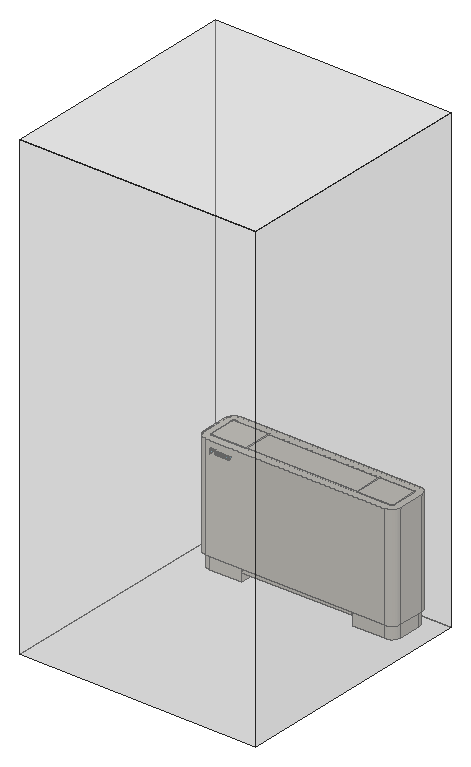
Revit family "outputfile", category 機械設備, Revit 2024
Family settings
  丸型コネクタ寸法 = 半径を使用
  パーツ タイプ = 標準
  OmniClass 番号 = 23.75.10.24.21.27.27
  OmniClass タイトル = Split System Air Conditioning Units
  作業面ベース = いいえ
  常に垂直 = はい
  ロード時にボイドで切り取り = いいえ
  注釈の向きを維持 = いいえ
  共有 = いいえ
  部屋計算ポイント = いいえ
Parameters (values of type "FXLQ25MAVE8")
  Description = ""
  製造元 = "Daikin"
  書き出し IFC クラス(タイプ) = "IfcUnitaryEquipmentType"
  定義済み IFC タイプ(タイプ) = "AIRCONDITIONINGUNIT"
  Cost = 0
  モデル = "FXLQ25MAVE8"
  Type Comments = ""
  Keynote = ""
  Type Image = (empty or 0)
  Assembly Code = ""
  w_machine casing = 620.0 mm
  w_hangerfixture = 0.0 mm
  w_dischargeflange = 562.0 mm
  w_2_machine casing = 590.0 mm
  w_1_machine casing = 562.0 mm
  r_Liquid Pipe Size = Liquid Pipe Size / 2  # 3.2 mm
  r_Gas Pipe Size = Gas Pipe Size / 2  # 6.35 mm
  w_mounting foot = 830.0 mm
  r_Drain Pipe Size = Drain Pipe Size / 2  # 10.5 mm
  h_mountinghole = [h***] + 2.5 mm  # 2.5 mm
  lh_liquidpipe = 391.0 mm  # constant formula
  lh_gaspipe = 301.0 mm  # constant formula
  lh_drainpipe = 181.0 mm  # constant formula
  lh_antena = 598.5 mm  # constant formula
  ld_liquidpipe = 88.0 mm  # constant formula
  ld_gaspipe = 143.0 mm  # constant formula
  ld_drainpipe = 156.0 mm  # constant formula
  h*** = 0.0 mm  # constant formula
  w_front suction = 601.0 mm
  d_pipe_2 = 27.3 mm  # constant formula
  d_pipe_1 = 47.6 mm  # constant formula
  d_pipe = 71.2 mm  # constant formula
  Width = 1000.0 mm
  Voltage_comment_50Hz = "220-240"
  Voltage_50Hz = 220 V
  Version = "ver.1.0"
  Unit Type = "Floor Standing Type"
  Unit Mass Weight = 25.00 kg
  Unit Designation [instance] = ""
  Uniclass2015Version = "Products v1.30"
  Uniclass2015Title = "Variable refrigerant flow units"
  Uniclass2015Code = "Pr_70_65_03_94"
  URL = ""
  Total Heating Capacity [instance] = 0.000 kW
  Total Cooling Capacity [instance] = 0.000 kW
  Sound Pressure Level_M speed (dBA) = 0
  Sound Pressure Level_L speed (dBA) = 33
  Sound Pressure Level_H speed (dBA) = 36
  Sound Power Level_H speed (dB) = 0
  Series = "VRV Fan Coil Unit"
  Sensible Cooling Capacity [instance] = 0.000 kW
  SA Duct Size Width = w_dischargeflange  # 562.0 mm
  SA Duct Size Height = 150.0 mm  # constant formula
  Refrigerant Type = "R410A"
  Power Input (Heating) = 0.049 kW
  Power Input (Cooling) = 0.049 kW
  Phase_50Hz = 1
  Option Accessory 3 [instance] = ""
  Option Accessory 2 [instance] = ""
  Option Accessory 1 [instance] = ""
  Nominal Heating Capacity = 3.200 kW
  Nominal Cooling Capacity = 2.800 kW
  Minimum External Static Pressure = 0.00 Pa
  Minimum Circuit Amps_50Hz = 0.3 A
  Minimum Airflow = 360.00 m³/h
  Median Airflow = 0.00 m³/h
  Maximum Fuse Amps_50Hz = 15.0 A
  Maximum External Static Pressure = 0.00 Pa
  Maximum Airflow = 420.00 m³/h
  Material_Casing = DAIKIN_IvoryWhite_Casing_indoorunit
  Load Classification = HVAC
  Liquid Pipe Size = 6.4 mm
  Link_Nested Family [instance] = ""
  IfcVersion = "0"
  IfcExportType = "AIRCONDITIONINGUNIT"
  IfcExportAs = "IfcUnitaryEquipmentType"
  Height = 600.0 mm
  Heating Entering Wet Bulb Temperature [instance] = 0.00 °C
  Heating Entering Dry Bulb Temperature [instance] = 0.00 °C
  Heating Ambient Wet Bulb Temperature [instance] = 0.00 °C
  Heating Ambient Dry Bulb Temperature [instance] = 0.00 °C
  Heat Exchanger Type = "Cross Fin Coil"
  Gas Pipe Size = 12.7 mm
  Frequency_50Hz = 50 Hz
  Fan Type = "Sirocco Fan"
  Fan Drive = "Direct Drive"
  FCU Tag No. [instance] = ""
  Drain Pipe Size = 21.0 mm
  Design Supply Airflow [instance] = 0.00 m³/h
  Design External Static Pressure [instance] = 0.00 Pa
  Depth = 222.0 mm
  既定の高さ = 0.0 mm
  Cooling Entering Wet Bulb Temperature [instance] = 0.00 °C
  Cooling Entering Dry Bulb Temperature [instance] = 0.00 °C
  Cooling Ambient Wet Bulb Temperature [instance] = 0.00 °C
  Cooling Ambient Dry Bulb Temperature [instance] = 0.00 °C
  Clearance visibility [instance] = yes
  Clearance Top = 1750.0 mm
  Clearance Right = 100.0 mm
  Clearance Rear = 20.0 mm
  Clearance Left = 100.0 mm
  Clearance Front = 1000.0 mm
  Clearance Bottom = 0.0 mm
Reference planes
  plane 1: y = 0
  plane 2: z = 0
  plane 3 "Center (Left/Right)": x = 0
  plane 4 "Center (Front/Back)": y = -103
  plane 5: y = -206
  plane 6: x = -310
  plane 7: x = 310
  plane 8: z = 584
  plane 9: z = 68
  plane 10: z = 609
  plane 11: z = 2350
  plane 12: z = 0
  plane 13: x = -600
  plane 14: x = 600
  plane 15: y = -1214
  plane 16: y = 28
  plane 17 "Bottom": z = 0
  plane 18: x = -278
  plane 19: x = 278
  plane 20: x = -329
  plane 21: x = -480
  plane 22: z = 129
  plane 23: z = 518
  plane 24: z = 564.5
  plane 25: y = -32
  plane 26: x = 408.8
  plane 27 "ld_drainpipe": y = -148
  plane 28: z = 181
  plane 29: z = 301
  plane 30: z = 391
  plane 31: x = 337
  plane 32: x = 295
  plane 33: x = -295
  plane 34 "ld_liquidpipe": y = -80
  plane 35 "ld_gaspipe": y = -135
  plane 36: x = 444
  plane 37: z = 518.4
  plane 38: z = 388.6
  plane 39: x = 296
  plane 40: x = -296
  plane 41: x = -404.5
  plane 42: y = -42
  plane 43: y = -25.8
  plane 44 "Left": x = -500
  plane 45 "Right": x = 500
  plane 46: x = -281
  plane 47: x = 281
  plane 48: z = 70
  plane 49 "Top": z = 600
  plane 50 "Front": y = -214
  plane 51 "Back": y = 8
  plane 52: y = -201
Forms (mm)
  Extrusion 1, solid, material "DAIKIN_IvoryWhite_Casing_indoorunit" <- "Material_Casing"
    sketch origin (0, 0, 0) x (1, 0, 0) y (0, 1, 0)
      loop
        line (-310, 0) -> (-310, -206) -> (310, -206) -> (310, 0) -> (-310, 0)
    from 68 to 584
  Extrusion 2, solid, material "DAIKIN_IvoryWhite_Casing_indoorunit" <- "Material_Casing"
    sketch origin (0, 0, 68) x (0, 1, 0) y (1, 0, 0)
      loop
        line (0, -278) -> (0, 278) -> (-206, 278) -> (-206, -278) -> (0, -278)
    from 0 to 19.6
  Extrusion 3, solid, material "DAIKIN_IvoryWhite_Casing_indoorunit" <- "Material_Casing"
    sketch origin (-310, -206, 0) x (0, 1, 0) y (0, 0, -1)
      loop
        circle (103, -448.5) r 12.5
      loop
        circle (103, -243.5) r 12.5
    from 0 to 19
  Extrusion 4, solid, material "DAIKIN_IvoryWhite_Casing_indoorunit" <- "Material_Casing"
    sketch origin (0, 0, 68) x (-1, 0, 0) y (0, -1, 0)
      loop
        line (480, 25.8) -> (480, 71.25) -> (345.25, 206) -> (329, 206) -> (329, 25.8) -> (480, 25.8)
    from 61 to 450
  Extrusion 5, solid, material "DAIKIN_IvoryWhite_Casing_indoorunit" <- "Material_Casing"
    sketch origin (310, 0, 0) x (0, -1, 0) y (0, 0, -1)
      loop
        line (5.208, -545.14) -> (32, -564.5) -> (104, -554.5) -> (202.913, -407.529) -> (197.289, -319.3) -> (168.604, -299.952) -> (5.208, -545.14)
    from 0 to 98.8
  Extrusion 6, solid, material "DAIKIN_IvoryWhite_Casing_indoorunit" <- "Material_Casing"
    sketch origin (310, 0, 0) x (0, -1, 0) y (0, 0, -1)
      loop
        line (188.5, -240) -> (188.5, -210) -> (107.5, -210) -> (107.5, -240) -> (188.5, -240)
    from 0 to 50
  Extrusion 7, solid, material "DAIKIN_IvoryWhite_Casing_indoorunit" <- "Material_Casing"
    sketch origin (310, -107.5, 210) x (-1, 0, 0) y (0, 1, 0)
      loop
        circle (-27, -40.5) r 10.5
    from 0 to 29
  Sweep 8, solid, material "DAIKIN_IvoryWhite_Casing_indoorunit" <- "Material_Casing"
    path origin (0, -80, 0) x (0, 0, 1) y (1, 0, 0)
      loop
        line (518.4, 408.8) -> (518.4, 431)
        arc (518.4, 431) -> (514.592, 440.192) -> (505.4, 444) r 13
        line (505.4, 444) -> (391, 444)
    profile origin (419.9, -80, 518.4) x (0, 0, -1) y (0, 1, 0)
      loop
        circle (0, 0) r 3.2
  Sweep 9, solid, material "DAIKIN_IvoryWhite_Casing_indoorunit" <- "Material_Casing"
    path origin (0, -135, 0) x (0, 0, 1) y (1, 0, 0)
      loop
        line (388.6, 408.8) -> (388.6, 431)
        arc (388.6, 431) -> (384.792, 440.192) -> (375.6, 444) r 13
        line (375.6, 444) -> (301, 444)
    profile origin (419.9, -135, 388.6) x (0, 0, -1) y (0, 1, 0)
      loop
        circle (0, 0) r 6.35
Dimensions and locks
  equal spacing: plane 5, plane 4 "Center (Front/Back)", plane 1
  equal spacing: plane 6, plane 3 "Center (Left/Right)", plane 7
  locked: plane 10 to plane 8 at 25
  "h***": plane 17 "Bottom" to plane 2
  locked: plane 8 to plane 9 at 516
  "Clearance Bottom": plane 17 "Bottom" to plane 12
  locked: plane 6 to plane 18 at 32
  locked: plane 19 to plane 7 at 32
  plane 18 to plane 19 = 556.0 mm
  locked: Extrusion 3 sketch curve to plane 9 at 175.5
  locked: Extrusion 3 sketch curve to Extrusion 3 sketch curve at 205
  locked: plane 6 to plane 20 at 19
  plane 23 to plane 22 to plane 17 "Bottom" = 389.0 mm locked, 129.0 mm locked
  locked: plane 21 to plane 6 at 170
  locked: plane 10 to plane 24 at 44.5
  locked: plane 5 to plane 25 at 174
  locked: plane 7 to plane 26 at 98.8
  locked: Extrusion 6 sketch curve to Extrusion 6 sketch curve at 30
  locked: Extrusion 6 sketch curve to Extrusion 6 sketch curve at 81
  locked: Extrusion 6 sketch curve to plane 17 "Bottom" at 240
  locked: plane 27 "ld_drainpipe" to Extrusion 6 sketch curve at 40.5
  "lh_drainpipe": plane 28 to plane 17 "Bottom"
  "lh_gaspipe": plane 29 to plane 17 "Bottom"
  "lh_liquidpipe": plane 30 to plane 17 "Bottom"
  locked: plane 33 to plane 6 at 15
  locked: plane 7 to plane 32 at 15
  locked: plane 31 to plane 32 at 42
  locked: plane 36 to plane 7 at 134
  locked: plane 10 to plane 37 at 90.6
  locked: plane 10 to plane 38 at 220.4
  locked: plane 6 to plane 40 at 14
  locked: plane 39 to plane 7 at 14
  equal spacing: plane 32, plane 3 "Center (Left/Right)", plane 33
  plane 32 to plane 33 = 590.0 mm
  locked: plane 21 to plane 41 at 75.5
  locked: plane 42 to plane 1 at 42
  locked: plane 43 to plane 5 at 180.2
  locked: Extrusion 4 sketch curve to plane 20 at 16.25
  locked: plane 43 to Extrusion 4 sketch curve at 45.45
  locked: plane 46 to plane 44 "Left" at 219
  locked: plane 45 "Right" to plane 47 at 219
  "Width": plane 45 "Right" to plane 44 "Left"
  locked: plane 49 "Top" to plane 48 at 530
  equal spacing: plane 45 "Right", plane 3 "Center (Left/Right)", plane 44 "Left"
  "w_machine casing": plane 6 to plane 7
  "Depth": plane 51 "Back" to plane 50 "Front"
  equal spacing: plane 51 "Back", plane 4 "Center (Front/Back)", plane 50 "Front"
  locked: plane 1 to plane 5 at 206
  locked: plane 10 to plane 17 "Bottom" at 609
  "Height": plane 49 "Top" to plane 17 "Bottom"
  "Clearance Rear": plane 16 to plane 51 "Back"
  "Clearance Front": plane 50 "Front" to plane 15
  "Clearance Right": plane 14 to plane 45 "Right"
  "Clearance Left": plane 44 "Left" to plane 13
  "Clearance Top": plane 11 to plane 49 "Top"
  equal spacing: plane 18, nested 2, plane 19
  "ld_liquidpipe": plane 34 "ld_liquidpipe" to plane 51 "Back"
  "ld_gaspipe": plane 35 "ld_gaspipe" to plane 51 "Back"
  "ld_drainpipe": plane 27 "ld_drainpipe" to plane 51 "Back"
  locked: plane 50 "Front" to plane 52 at 13
  "Drain Pipe Size": diameter of Extrusion 7 sketch curve
  "Gas Pipe Size": diameter of Sweep 9 sketch curve
  locked: Extrusion 4 sketch curve to Extrusion 4 sketch curve (angle 45.00°)
  aligned and locked: level to plane 2
  aligned and locked: plane 1 to Extrusion 1 sketch curve
  aligned and locked: plane 6 to Extrusion 1 sketch curve
  aligned and locked: plane 5 to Extrusion 1 sketch curve
  aligned and locked: Extrusion 1 sketch curve to plane 7
  aligned and locked: plane 8 to Extrusion 1
  aligned and locked: Extrusion 1 to plane 9
  aligned and locked: plane 8 to nested 1
  aligned and locked: plane 3 "Center (Left/Right)" to nested 1
  aligned and locked: nested 2 to plane 16
  aligned and locked: nested 2 to plane 15
  aligned and locked: plane 11 to nested 2
  aligned and locked: plane 12 to nested 2
  aligned and locked: plane 13 to nested 2
  aligned and locked: plane 14 to nested 2
  aligned and locked: nested 3 to plane 4 "Center (Front/Back)"
  aligned and locked: nested 4 to plane 4 "Center (Front/Back)"
  aligned and locked: plane 1 to Extrusion 2 sketch curve
  aligned and locked: plane 5 to Extrusion 2 sketch curve
  aligned and locked: plane 18 to Extrusion 2 sketch curve
  aligned and locked: Extrusion 2 sketch curve to plane 19
  aligned and locked: plane 4 "Center (Front/Back)" to Extrusion 3 sketch curve  (x2)
  aligned and locked: Extrusion 3 to plane 20
  aligned and locked: plane 21 to Extrusion 4 sketch curve
  aligned and locked: Extrusion 4 sketch curve to plane 20
  aligned and locked: plane 23 to Extrusion 4
  aligned and locked: Extrusion 4 to plane 22
  aligned and locked: plane 26 to Extrusion 5
  aligned and locked: plane 25 to Extrusion 5 sketch curve
  aligned and locked: plane 24 to Extrusion 5 sketch curve
  aligned and locked: plane 31 to Extrusion 7 sketch curve
  aligned and locked: plane 27 "ld_drainpipe" to Extrusion 7 sketch curve
  aligned and locked: Extrusion 7 to plane 28
  aligned and locked: plane 36 to Sweep 8 sketch curve
  aligned and locked: Sweep 8 sketch curve to plane 37
  aligned and locked: plane 30 to Sweep 8 sketch curve
  aligned and locked: plane 26 to Sweep 8 sketch curve
  aligned and locked: plane 29 to Sweep 9 sketch curve
  aligned and locked: plane 26 to Sweep 9 sketch curve
  aligned and locked: Sweep 9 sketch curve to plane 38
  aligned and locked: plane 36 to Sweep 9 sketch curve
  aligned and locked: nested 3 to plane 39
  aligned and locked: plane 40 to nested 4
  aligned and locked: plane 31 to nested 5
  aligned and locked: nested 6 to plane 36
  aligned and locked: nested 7 to plane 36
  aligned and locked: nested 8 to plane 41
  aligned and locked: plane 4 "Center (Front/Back)" to nested 8
  aligned and locked: Extrusion 4 sketch curve to plane 43
  aligned and locked: Extrusion 4 sketch curve to plane 5
  aligned and locked: nested 7 to plane 34 "ld_liquidpipe"
  aligned and locked: nested 6 to plane 35 "ld_gaspipe"
  aligned and locked: nested 5 to plane 27 "ld_drainpipe"
  aligned and locked: nested 9 to plane 46
  aligned and locked: nested 9 to plane 17 "Bottom"
  aligned and locked: nested 10 to plane 47
  aligned and locked: nested 10 to plane 17 "Bottom"
  aligned and locked: plane 3 "Center (Left/Right)" to nested 11
  aligned and locked: nested 11 to plane 4 "Center (Front/Back)"
  aligned and locked: nested 11 to plane 48
  aligned and locked: nested 12 to plane 50 "Front"
  aligned and locked: plane 24 to nested 12
  aligned and locked: plane 20 to nested 12
  aligned and locked: plane 52 to nested 10
  aligned and locked: nested 9 to plane 52
  aligned and locked: nested 5 to plane 17 "Bottom"
  aligned and locked: nested 6 to plane 17 "Bottom"
  aligned and locked: nested 7 to plane 17 "Bottom"
  aligned and locked: nested 8 to plane 17 "Bottom"
  aligned and locked: plane 4 "Center (Front/Back)" to nested 1
  aligned and locked: plane 49 "Top" to nested 11
Automatic sketch dimensions
  Extrusion 1 sketch curve to plane 5 = 0.0 mm
  Extrusion 1 to Extrusion 5 sketch curve = 5.208 mm
  Extrusion 1 to Extrusion 5 sketch curve = 29.5 mm
  Extrusion 5 sketch curve to Extrusion 5 sketch curve = 72.0 mm
  Extrusion 1 to Extrusion 5 sketch curve = 37.396 mm
  Extrusion 1 to Extrusion 5 sketch curve = 8.711 mm
  Extrusion 1 to Extrusion 5 sketch curve = 3.087 mm
  Extrusion 5 sketch curve to Extrusion 5 sketch curve = 19.36 mm
  Extrusion 1 to Extrusion 5 sketch curve = 176.471 mm
  Extrusion 5 sketch curve to Extrusion 5 sketch curve = 88.229 mm
  Extrusion 5 sketch curve to Extrusion 5 sketch curve = 19.348 mm
  Sweep 8 sketch curve to profile plane = 0.0 mm  (x2)
  Sweep 8 sketch curve to plane 23 = 12.6 mm
  Sweep 9 sketch curve to plane 38 = 13.0 mm
  Sweep 9 sketch curve to plane 35 "ld_gaspipe" = 0.0 mm
  Sweep 9 sketch curve to profile plane = 0.0 mm
  radius of Extrusion 3 sketch curve = 12.5 mm  (x2)
  radius of Sweep 8 sketch curve = 3.2 mm
Nested families
  nested 1: "daikin_ductflange_FXLQ-MAVE8" at (0, -178, 584) x (1, 0, 0) z (0, 1, 0), width <- "w_dischargeflange", material <- "Material_Casing", type "daikin_ductflange_FXLQ-MAVE8"
    with width 562.0 mm, material DAIKIN_IvoryWhite_Casing_indoorunit, height 150.0 mm, depth 16.0 mm
  nested 2: "daikin_clearancespace" at (0, -593, 1175.119), visible <- "Clearance visibility", show <- "Clearance visibility", Link_Nested Family <- "Link_Nested Family", type "daikin_clearancespace"
    with width 1200.0 mm, show yes, height 2350.0 mm, depth 1242.0 mm, Link_Nested Family ""
  nested 3: "daikin_mountinghole" at (296, -103, 0), Link_Nested Family <- "Link_Nested Family", h_mountinghole <- "h_mountinghole", l_antenna <- "lh_antena", type "daikin_mountinghole"
    with show yes, l_antenna 598.5 mm, h_mountinghole 2.5 mm, Link_Nested Family ""
  nested 4: "daikin_mountinghole" at (-296, -103, 0), Link_Nested Family <- "Link_Nested Family", h_mountinghole <- "h_mountinghole", l_antenna <- "lh_antena", type "daikin_mountinghole"
    with show yes, l_antenna 598.5 mm, h_mountinghole 2.5 mm, Link_Nested Family ""
  nested 5: "daikin_connector_rotate2" at (337, -148, 181) x (1, 0, 0) z (0, -1, 0), radius <- "r_Drain Pipe Size", length <- "lh_drainpipe", type "daikin_connector_rotate2"
    with radius 10.5 mm, length 181.0 mm, angle_vertical 90.00°, show_face no
  nested 6: "daikin_connector_rotate2" at (444, -135, 301) x (1, 0, 0) z (0, -1, 0), radius <- "r_Gas Pipe Size", length <- "lh_gaspipe", type "daikin_connector_rotate2"
    with radius 6.35 mm, length 301.0 mm, angle_vertical 90.00°, show_face no
  nested 7: "daikin_connector_rotate2" at (444, -80, 391) x (1, 0, 0) z (0, -1, 0), radius <- "r_Liquid Pipe Size", length <- "lh_liquidpipe", type "daikin_connector_rotate2"
    with radius 3.2 mm, length 391.0 mm, angle_vertical 90.00°, show_face no
  nested 8: "daikin_connector_rotate2" at (-404.5, -103, 129) x (1, 0, 0) z (0, -1, 0), type "daikin_connector_rotate2"
    with radius 10.0 mm, length 129.0 mm, angle_vertical 90.00°, show_face no
  nested 9: "daikin_hangerfixture_FXLQ-MAVE8" at (-385.5, -99, 0), type "daikin_hangerfixture_FXLQ-MAVE8"
  nested 10: "daikin_hangerfixture_FXLQ-MAVE8" at (385.5, -99, 0) x (-1, 0, 0) z (0, 0, 1), type "daikin_hangerfixture_FXLQ-MAVE8"
  nested 11: "daikin_machine casing_FXLQ-MAVE8" at (0, -103, 70), width <- "Width", W_2 <- "w_2_machine casing", W_1 <- "w_1_machine casing", material <- "Material_Casing", type "daikin_machine casing_FXLQ-MAVE8"
    with width 1000.0 mm, material DAIKIN_IvoryWhite_Casing_indoorunit, height 530.0 mm, depth 222.0 mm, W_2 590.0 mm, W_1 562.0 mm, D_1 150.0 mm
  nested 12: "daikin_logo_elevation_w100" at (-364, -214, 539.5), type "daikin_logo_elevation_w100"
    with show_logo yes
Connectors
  electrical at (-404.5, -103, 0), driven by "Load Classification"
    settings: on nested 8, index 5, voltage 0 V, apparent load 0 VA, apparent load phase1 0 VA, apparent load phase2 0 VA, apparent load phase3 0 VA, power factor 1, load classification "HVAC", number of poles 1, system type 30, power factor state 1, is connector primary yes, connector utility no, sub classification motor no, connector description "Power Supply"
  piping at (444, -80, 0), diameter 6.4, driven by "r_Liquid Pipe Size"
    settings: on nested 7, index 6, connector inside diameter 609.6 mm, connector length 0.0 mm, flow factor 0, pipe flow 0.00 m³/h, pressure drop 0.0 Pa, fitting loss kfactor 0, connector angle 0.00°, fixture units 0, engagement length 0.0 mm, angle of deflection 0.00°, flow configuration 1, flow direction 1, fitting loss method 0, system type 29, joint type 0, gender type 0, connector reference index -1, connector utility 0, adjustable connector no, is connector primary yes, connector description "Refrigerant Liquid Piping"
  piping at (444, -135, 0), diameter 12.7, driven by "r_Gas Pipe Size"
    settings: on nested 6, index 7, connector inside diameter 609.6 mm, connector length 0.0 mm, flow factor 0, pipe flow 0.00 m³/h, pressure drop 0.0 Pa, fitting loss kfactor 0, connector angle 0.00°, fixture units 0, engagement length 0.0 mm, angle of deflection 0.00°, flow configuration 1, flow direction 2, fitting loss method 0, system type 29, joint type 0, gender type 0, connector reference index -1, connector utility 0, adjustable connector no, is connector primary no, connector description "Refrigerant Gas Piping"
  piping at (337, -148, 0), diameter 21, driven by "r_Drain Pipe Size"
    settings: on nested 5, index 8, connector inside diameter 609.6 mm, connector length 0.0 mm, flow factor 0, pipe flow 0.00 m³/h, pressure drop 0.0 Pa, fitting loss kfactor 0, connector angle 0.00°, fixture units 0, engagement length 0.0 mm, angle of deflection 0.00°, flow configuration 1, flow direction 2, fitting loss method 4, system type 16, joint type 0, gender type 0, connector reference index -1, connector utility 0, adjustable connector no, is connector primary no, connector description "Condensate Drain Piping"
Definition of nested family "daikin_ductflange_FXLQ-MAVE8"
  Parameters (values of type "daikin_ductflange_FXLQ-MAVE8")
    width [instance] = 662.0 mm
    material [instance] = none
    height [instance] = 150.0 mm
    depth [instance] = 25.0 mm
    Default Elevation = 0.0 mm
  Reference planes
    plane 1 "Center (Front/Back)": y = 0
    plane 2: z = 0
    plane 3 "Center (Left/Right)": x = 0
    plane 4: y = -25
    plane 5: x = -331
    plane 6: x = 331
    plane 7 "Top": z = 150
    plane 8: y = -1
    plane 9: z = 135.5
    plane 10: z = 14.5
    plane 11 "Center (Elevation)": z = 75
    plane 12: x = -330
    plane 13: x = 330
  Forms (mm)
    Extrusion 1, solid, material <- "material"
      sketch origin (0, 0, 0) x (1, 0, 0) y (0, 0, 1)
        loop
          line (-331, 150) -> (-331, 0) -> (331, 0) -> (331, 150) -> (-331, 150)
      from 1 to 25
  Dimensions and locks
    "height": plane 7 "Top" to plane 2
    "width": plane 5 to plane 6
    equal spacing: plane 5, plane 3 "Center (Left/Right)", plane 6
    "depth": plane 1 "Center (Front/Back)" to plane 4
    locked: plane 8 to plane 1 "Center (Front/Back)" at 1
    locked: plane 7 "Top" to plane 9 at 14.5
    locked: plane 10 to plane 2 at 14.5
    equal spacing: plane 7 "Top", plane 11 "Center (Elevation)", plane 2
    locked: plane 12 to plane 5 at 1
    locked: plane 6 to plane 13 at 1
    aligned and locked: level to plane 2
    aligned and locked: plane 5 to Extrusion 1 sketch curve
    aligned and locked: Extrusion 1 sketch curve to plane 7 "Top"
    aligned and locked: plane 2 to Extrusion 1 sketch curve
    aligned and locked: Extrusion 1 sketch curve to plane 6
    aligned and locked: Extrusion 1 to plane 4
    aligned and locked: plane 8 to Extrusion 1
Definition of nested family "daikin_clearancespace"
  Parameters (values of type "daikin_clearancespace")
    width [instance] = 1823.963 mm
    show [instance] = yes
    material = none
    height [instance] = 1359.762 mm
    depth [instance] = 880.0 mm
    Default Elevation = 0.0 mm
    Link_Nested Family [instance] = ""
  Reference planes
    plane 1 "Center (Front/Back)": y = 0
    plane 2 "Center (Elevation)": z = -0.119
    plane 3 "Center (Left/Right)": x = 0
    plane 4: y = 440
    plane 5: y = -440
    plane 6 "Right": x = 911.982
    plane 7 "Left": x = -911.982
    plane 8 "Top": z = 679.762
    plane 9 "Bottom": z = -680
  Forms (mm)
    Extrusion 1, solid, material <- "material", visible <- "show"
      sketch origin (0, 0, 0) x (1, 0, 0) y (0, 1, 0)
        loop
          line (-911.982, 440) -> (-911.982, -440) -> (911.982, -440) -> (911.982, 440) -> (-911.982, 440)
      from -680 to 679.762
  Lines and regions (mm)
    symbolic lines, visible <- "show"
      curve 1: line (911.982, 440, 0) -> (-911.982, 440, 0)
      curve 2: line (-911.982, 440, 0) -> (-911.982, -440, 0)
      curve 3: line (-911.982, -440, 0) -> (911.982, -440, 0)
      curve 4: line (911.982, -440, 0) -> (911.982, 440, 0)
      curve 5: line (911.982, 0, 679.762) -> (-911.982, 0, 679.762)
      curve 6: line (911.982, 0, -680) -> (911.982, 0, 679.762)
      curve 7: line (-911.982, 0, -680) -> (911.982, 0, -680)
      curve 8: line (-911.982, 0, 679.762) -> (-911.982, 0, -680)
      curve 9: line (0, 440, 679.762) -> (0, -440, 679.762)
      curve 10: line (0, -440, 679.762) -> (0, -440, -680)
      curve 11: line (0, 440, -680) -> (0, 440, 679.762)
      curve 12: line (0, -440, -680) -> (0, 440, -680)
  Dimensions and locks
    "width": plane 7 "Left" to plane 6 "Right"
    "depth": plane 4 to plane 5
    "height": plane 8 "Top" to plane 9 "Bottom"
    equal spacing: plane 7 "Left", plane 3 "Center (Left/Right)", plane 6 "Right"
    equal spacing: plane 4, plane 1 "Center (Front/Back)", plane 5
    equal spacing: plane 8 "Top", plane 2 "Center (Elevation)", plane 9 "Bottom"
    aligned and locked: level to plane 2 "Center (Elevation)"
    aligned and locked: Extrusion 1 sketch curve to plane 4
    aligned and locked: plane 7 "Left" to Extrusion 1 sketch curve
    aligned and locked: Extrusion 1 sketch curve to plane 5
    aligned and locked: Extrusion 1 sketch curve to plane 6 "Right"
    aligned and locked: plane 8 "Top" to Extrusion 1
    aligned and locked: curve 1 to Extrusion 1
    aligned and locked: curve 2 to Extrusion 1
    aligned and locked: curve 3 to Extrusion 1
    aligned and locked: curve 4 to Extrusion 1
    aligned and locked: curve 5 to Extrusion 1
    aligned and locked: curve 6 to Extrusion 1
    aligned and locked: curve 7 to Extrusion 1
    aligned and locked: curve 8 to Extrusion 1
    aligned and locked: curve 9 to Extrusion 1
    aligned and locked: curve 10 to Extrusion 1
    aligned and locked: curve 11 to Extrusion 1
    aligned and locked: curve 12 to Extrusion 1
    aligned and locked: Extrusion 1 to plane 9 "Bottom"
Definition of nested family "daikin_hangerfixture_FXLQ-MAVE8"
  Parameters (values of type "daikin_hangerfixture_FXLQ-MAVE8")
    width = 209.0 mm
    material = none
    height = 70.0 mm
    depth = 204.0 mm
    Default Elevation = 0.0 mm
  Reference planes
    plane 1 "Center (Front/Back)": y = 0
    plane 2: z = 0
    plane 3 "Center (Left/Right)": x = 0
    plane 4: x = -104.5
    plane 5: x = 104.5
    plane 6: y = 102
    plane 7: y = -102
    plane 8: z = 70
  Forms (mm)
    Extrusion 1, solid, material <- "material"
      sketch origin (0, 0, 0) x (1, 0, 0) y (0, 1, 0)
        loop
          arc (-59.5, 102) -> (-91.32, 88.82) -> (-104.5, 57) r 45
          line (-104.5, 57) -> (-104.5, -57)
          arc (-104.5, -57) -> (-91.32, -88.82) -> (-59.5, -102) r 45
          line (-59.5, -102) -> (104.5, -102) -> (104.5, 102) -> (-59.5, 102)
      from 0 to 70
    Extrusion 2, void
      sketch origin (0, 0, 0) x (1, 0, 0) y (0, 1, 0)
        loop
          line (74.5, 92) -> (-55.5, 92)
          arc (-55.5, 92) -> (-80.249, 81.749) -> (-90.5, 57) r 35
          line (-90.5, 57) -> (-90.5, -57)
          arc (-90.5, -57) -> (-80.249, -81.749) -> (-55.5, -92) r 35
          line (-55.5, -92) -> (74.5, -92) -> (74.5, 92)
      from 0 to 67.5
    Extrusion 3, void
      sketch origin (0, 0, 0) x (1, 0, 0) y (0, 1, 0)
        loop
          line (83.5, 9) -> (83.5, -9) -> (95.5, -9) -> (95.5, 9) -> (83.5, 9)
      from 0 to 2.5
    Extrusion 4, void
      sketch origin (0, 0, 0) x (1, 0, 0) y (0, 1, 0)
        loop
          line (74.5, 92) -> (74.5, -92) -> (102, -92) -> (102, 92) -> (74.5, 92)
      from 2.5 to 67.5
  Cuts and joins
    Extrusion 2, Extrusion 3, Extrusion 4 cuts Extrusion 1
  Dimensions and locks
    "depth": plane 7 to plane 6
    equal spacing: plane 7, plane 1 "Center (Front/Back)", plane 6
    "width": plane 4 to plane 5
    equal spacing: plane 4, plane 3 "Center (Left/Right)", plane 5
    "height": plane 8 to plane 2
    locked: Extrusion 2 sketch curve to plane 5 at 30
    locked: Extrusion 2 sketch curve to plane 6 at 10
    locked: plane 7 to Extrusion 2 sketch curve at 10
    locked: plane 4 to Extrusion 2 sketch curve at 14
    locked: Extrusion 3 sketch curve to Extrusion 3 sketch curve at 12
    locked: Extrusion 3 sketch curve to Extrusion 3 sketch curve at 18
    locked: Extrusion 3 sketch curve to plane 1 "Center (Front/Back)" at 9
    locked: Extrusion 3 sketch curve to plane 5 at 9
    locked: Extrusion 4 sketch curve to plane 6 at 10
    locked: plane 7 to Extrusion 4 sketch curve at 10
    locked: Extrusion 4 sketch curve to plane 5 at 2.5
    aligned and locked: level to plane 2
    aligned and locked: plane 6 to Extrusion 1 sketch curve
    aligned and locked: plane 4 to Extrusion 1 sketch curve
    aligned and locked: Extrusion 1 sketch curve to plane 7
    aligned and locked: Extrusion 1 sketch curve to plane 5
    aligned and locked: plane 8 to Extrusion 1
  Automatic sketch dimensions
    plane 4 to Extrusion 1 sketch curve = 45.0 mm  (x2)
    plane 4 to Extrusion 2 sketch curve = 49.0 mm
    Extrusion 2 sketch curve to Extrusion 2 sketch curve = 35.0 mm
    Extrusion 4 sketch curve to plane 5 = 30.0 mm
Definition of nested family "daikin_machine casing_FXLQ-MAVE8"
  Parameters (values of type "daikin_machine casing_FXLQ-MAVE8")
    width [instance] = 1000.0 mm
    material [instance] = none
    height [instance] = 530.0 mm
    depth [instance] = 222.0 mm
    W_2 [instance] = 590.0 mm
    W_1 [instance] = 562.0 mm
    Default Elevation = 0.0 mm
    D_1 [instance] = 150.0 mm
  Reference planes
    plane 1 "Center (Front/Back)": y = 0
    plane 2: z = 0
    plane 3 "Center (Left/Right)": x = 0
    plane 4: x = -500
    plane 5: x = 500
    plane 6: y = 111
    plane 7: y = -111
    plane 8: z = 530
    plane 9: x = -281
    plane 10: x = 281
    plane 11: y = 75
    plane 12: y = -75
    plane 13: x = -298
    plane 14: x = 298
    plane 15: x = -464
    plane 16: x = 464
    plane 17: x = -295
    plane 18: x = 295
    plane 19: z = 163
    plane 20: z = 355
  Forms (mm)
    Extrusion 1, solid, material <- "material"
      sketch origin (0, 0, 0) x (1, 0, 0) y (0, 1, 0)
        loop
          arc (-455, 111) -> (-486.82, 97.82) -> (-500, 66) r 45
          line (-500, 66) -> (-500, -66)
          arc (-500, -66) -> (-486.82, -97.82) -> (-455, -111) r 45
          line (-455, -111) -> (455, -111)
          arc (455, -111) -> (486.82, -97.82) -> (500, -66) r 45
          line (500, -66) -> (500, 66)
          arc (500, 66) -> (486.82, 97.82) -> (455, 111) r 45
          line (455, 111) -> (-455, 111)
      from 0 to 530
    Extrusion 2, void
      sketch origin (0, 0, 0) x (1, 0, 0) y (0, 1, 0)
        loop
          arc (-455, 108.5) -> (-485.052, 96.052) -> (-497.5, 66) r 42.5
          line (-497.5, 66) -> (-497.5, -66)
          arc (-497.5, -66) -> (-485.052, -96.052) -> (-455, -108.5) r 42.5
          line (-455, -108.5) -> (455, -108.5)
          arc (455, -108.5) -> (485.052, -96.052) -> (497.5, -66) r 42.5
          line (497.5, -66) -> (497.5, 66)
          arc (497.5, 66) -> (485.052, 96.052) -> (455, 108.5) r 42.5
          line (455, 108.5) -> (-455, 108.5)
      from 0 to 528
    Extrusion 3, void
      sketch origin (0, 0, 530) x (0, 1, 0) y (1, 0, 0)
        loop
          line (75, -281) -> (75, 281) -> (-75, 281) -> (-75, -281) -> (75, -281)
      from 0 to 2.5
    Extrusion 4, void
      sketch origin (0, 0, 530) x (0, 1, 0) y (1, 0, 0)
        loop
          line (75, -455) -> (75, -281) -> (74, -281) -> (74, -455)
          arc (74, -455) -> (71.657, -460.657) -> (66, -463) r 8
          line (66, -463) -> (-66, -463)
          arc (-66, -463) -> (-71.657, -460.657) -> (-74, -455) r 8
          line (-74, -455) -> (-74, -281) -> (-75, -281) -> (-75, -455)
          arc (-75, -455) -> (-72.364, -461.364) -> (-66, -464) r 9
          line (-66, -464) -> (66, -464)
          arc (66, -464) -> (72.364, -461.364) -> (75, -455) r 9
        loop
          line (75, 281) -> (75, 455)
          arc (75, 455) -> (72.364, 461.364) -> (66, 464) r 9
          line (66, 464) -> (-66, 464)
          arc (-66, 464) -> (-72.364, 461.364) -> (-75, 455) r 9
          line (-75, 455) -> (-75, 281) -> (-74, 281) -> (-74, 455)
          arc (-74, 455) -> (-71.657, 460.657) -> (-66, 463) r 8
          line (-66, 463) -> (66, 463)
          arc (66, 463) -> (71.657, 460.657) -> (74, 455) r 8
          line (74, 455) -> (74, 281) -> (75, 281)
      from 0 to 2.5
    Extrusion 5, void
      sketch origin (1480.036, 111, 1200) x (-1, 0, 0) y (0, 0, 1)
        loop
          line (1781.036, -830) -> (1769.036, -830) -> (1769.036, -860) -> (1781.036, -860) -> (1781.036, -830)
        loop
          line (1191.036, -830) -> (1179.036, -830) -> (1179.036, -860) -> (1191.036, -860) -> (1191.036, -830)
        loop
          line (1781.036, -1022) -> (1769.036, -1022) -> (1769.036, -1052) -> (1781.036, -1052) -> (1781.036, -1022)
        loop
          line (1191.036, -1022) -> (1179.036, -1022) -> (1179.036, -1052) -> (1191.036, -1052) -> (1191.036, -1022)
      from 0 to -2.5
  Cuts and joins
    Extrusion 2, Extrusion 3, Extrusion 4, Extrusion 5 cuts Extrusion 1
  Dimensions and locks
    "width": plane 4 to plane 5
    equal spacing: plane 4, plane 3 "Center (Left/Right)", plane 5
    "depth": plane 7 to plane 6
    equal spacing: plane 7, plane 1 "Center (Front/Back)", plane 6
    "height": plane 8 to plane 2
    locked: plane 4 to Extrusion 2 sketch curve at 2.5
    locked: Extrusion 2 sketch curve to plane 6 at 2.5
    locked: Extrusion 2 sketch curve to plane 5 at 2.5
    locked: plane 7 to Extrusion 2 sketch curve at 2.5
    "W_1": plane 9 to plane 10
    equal spacing: plane 9, plane 3 "Center (Left/Right)", plane 10
    "D_1": plane 12 to plane 11
    equal spacing: plane 12, plane 1 "Center (Front/Back)", plane 11
    locked: Extrusion 4 sketch curve to plane 11 at 1  (x2)
    locked: plane 15 to Extrusion 4 sketch curve at 1
    locked: plane 12 to Extrusion 4 sketch curve at 1  (x2)
    locked: Extrusion 4 sketch curve to plane 16 at 1
    locked: plane 4 to plane 15 at 36
    locked: plane 16 to plane 5 at 36
    locked: plane 13 to plane 9 at 17
    locked: plane 10 to plane 14 at 17
    "W_2": plane 18 to plane 17
    equal spacing: plane 18, plane 3 "Center (Left/Right)", plane 17
    plane 20 to plane 19 to plane 2 = 192.0 mm locked, 163.0 mm locked
    locked: Extrusion 5 sketch curve to Extrusion 5 sketch curve at 12  (x4)
    locked: Extrusion 5 sketch curve to Extrusion 5 sketch curve at 30  (x4)
    locked: Extrusion 5 sketch curve to plane 17 at 6
    locked: plane 20 to Extrusion 5 sketch curve at 15  (x2)
    locked: Extrusion 5 sketch curve to plane 18 at 6
    locked: plane 17 to Extrusion 5 sketch curve at 6
    locked: plane 19 to Extrusion 5 sketch curve at 15  (x2)
    locked: plane 18 to Extrusion 5 sketch curve at 6
    aligned and locked: level to plane 2
    aligned and locked: plane 6 to Extrusion 1 sketch curve
    aligned and locked: plane 4 to Extrusion 1 sketch curve
    aligned and locked: Extrusion 1 sketch curve to plane 7
    aligned and locked: Extrusion 1 sketch curve to plane 5
    aligned and locked: plane 8 to Extrusion 1
    aligned and locked: Extrusion 1 to plane 2
    aligned and locked: Extrusion 3 sketch curve to plane 11
    aligned and locked: Extrusion 3 sketch curve to plane 9
    aligned and locked: plane 12 to Extrusion 3 sketch curve
    aligned and locked: plane 10 to Extrusion 3 sketch curve
    aligned and locked: Extrusion 4 sketch curve to plane 11
    aligned and locked: Extrusion 4 sketch curve to plane 15
    aligned and locked: cut or joined group of Extrusion 1, Extrusion 2, Extrusion 3, Extrusion 4, Extrusion 5 to Extrusion 4 sketch curve
    aligned and locked: Extrusion 4 sketch curve to cut or joined group of Extrusion 1, Extrusion 2, Extrusion 3, Extrusion 4, Extrusion 5  (x2)
    aligned and locked: plane 12 to Extrusion 4 sketch curve
    aligned and locked: plane 16 to Extrusion 4 sketch curve
    aligned and locked: plane 11 to Extrusion 4 sketch curve
    aligned and locked: plane 10 to Extrusion 4 sketch curve
    aligned and locked: Extrusion 4 sketch curve to plane 9
  Automatic sketch dimensions
    plane 4 to Extrusion 1 sketch curve = 45.0 mm  (x2)
    Extrusion 1 sketch curve to plane 5 = 45.0 mm  (x2)
    Extrusion 2 sketch curve to Extrusion 2 sketch curve = 42.5 mm
    Extrusion 2 sketch curve to plane 5 = 45.0 mm  (x2)
    plane 4 to Extrusion 2 sketch curve = 45.0 mm
    Extrusion 4 sketch curve to Extrusion 4 sketch curve = 0.0 mm  (x8)
    Extrusion 4 sketch curve to Extrusion 4 sketch curve = 8.0 mm  (x4)
Definition of nested family "daikin_logo_elevation_w100"
  Parameters (values of type "daikin_logo_elevation_w100")
    width = 100.0 mm
    show_logo [instance] = yes
    material = none
    height = 25.0 mm
    depth = 5.0 mm
    Default Elevation = 0.0 mm
  Reference planes
    plane 1 "Center (Front/Back)": y = 0
    plane 2: z = 0
    plane 3 "Center (Left/Right)": x = -15
    plane 4 "left": x = -65
    plane 5 "right": x = 35
    plane 6: y = -5
    plane 7: z = 25
  Forms (mm)
    Extrusion 1, solid
      sketch origin (0, 0, 0) x (1, 0, 0) y (0, 0, 1)
        loop
          line (-65, 25) -> (-65, 14.753) -> (-53.814, 25) -> (-65, 25)
      from 0 to 5
    Extrusion 2, solid
      sketch origin (0, 0, 0) x (1, 0, 0) y (0, 0, 1)
        loop
          line (-42.019, 25) -> (-53.814, 25) -> (-65, 14.753) -> (-65, 3.87) -> (-42.019, 25)
      from 0 to 5
    Extrusion 3, solid
      sketch origin (0, 0, 0) x (1, 0, 0) y (0, 0, 1)
        loop
          line (-35.602, 20.041) -> (-41.486, 20.041) -> (-44.428, 8.274) -> (-35.602, 8.274)
          arc (-35.602, 8.274) -> (-32.105, 8.983) -> (-29.415, 11.329) r 6.978
          arc (-29.415, 11.329) -> (-28.233, 14.382) -> (-28.637, 17.63) r 6.701
          arc (-28.637, 17.63) -> (-29.469, 18.814) -> (-30.709, 19.559) r 3.49
          arc (-30.709, 19.559) -> (-33.138, 19.976) -> (-35.602, 20.041) r 17.114
        loop
          line (-38.544, 10.627) -> (-36.191, 10.627)
          arc (-36.191, 10.627) -> (-34.383, 11.838) -> (-33.335, 13.745) r 4.6
          arc (-33.335, 13.745) -> (-33.193, 15.202) -> (-33.538, 16.625) r 4.404
          arc (-33.538, 16.625) -> (-34.051, 17.128) -> (-34.72, 17.393) r 1.818
          line (-34.72, 17.393) -> (-37.073, 17.393) -> (-38.544, 10.627)
        loop
          line (-29.13, 8.274) -> (-25.894, 8.274) -> (-24.791, 10.333) -> (-20.158, 10.333) -> (-19.717, 8.274) -> (-14.422, 8.274) -> (-16.775, 20.041) -> (-22.659, 20.041) -> (-29.13, 8.274)
        loop
          line (-23.373, 12.98) -> (-20.725, 12.98) -> (-21.482, 16.511) -> (-23.373, 12.98)
        loop
          line (-10.009, 20.041) -> (-12.951, 8.274) -> (-7.95, 8.274) -> (-5.008, 20.041) -> (-10.009, 20.041)
        loop
          line (-5.008, 8.274) -> (-0.007, 8.274) -> (0.792, 11.472) -> (3.229, 8.274) -> (9.407, 8.274) -> (4.7, 14.451) -> (11.466, 20.041) -> (6.171, 20.041) -> (2.093, 16.672) -> (2.935, 20.041) -> (-2.066, 20.041) -> (-5.008, 8.274)
        loop
          line (10.583, 8.274) -> (15.879, 8.274) -> (18.82, 20.041) -> (13.819, 20.041) -> (10.583, 8.274)
        loop
          line (18.82, 8.274) -> (22.35, 8.274) -> (24.013, 14.925) -> (26.175, 8.274) -> (32.058, 8.274) -> (35, 20.041) -> (31.47, 20.041) -> (29.679, 12.878) -> (27.351, 20.041) -> (21.762, 20.041) -> (18.82, 8.274)
      from 0 to 5
  Lines and regions (mm)
    model lines
      curve 1: line (-42.019, 0, 25) -> (-52.024, 0, 25)
      curve 2: line (-52.024, 0, 25) -> (-65, 0, 13.114)
      curve 3: line (-65, 0, 13.114) -> (-65, 0, 3.87)
      curve 4: line (-65, 0, 3.87) -> (-42.019, 0, 25)
      curve 5: line (-65, 0, 14.753) -> (-65, 0, 25)
      curve 6: line (-65, 0, 25) -> (-53.814, 0, 25)
      curve 7: line (-53.814, 0, 25) -> (-65, 0, 14.753)
      curve 8: line (-20.725, 0, 12.98) -> (-23.373, 0, 12.98)
      curve 9: line (-23.373, 0, 12.98) -> (-21.482, 0, 16.511)
      curve 10: line (-21.482, 0, 16.511) -> (-20.725, 0, 12.98)
      curve 11: line (-19.717, 0, 8.274) -> (-20.158, 0, 10.333)
      curve 12: line (-20.158, 0, 10.333) -> (-24.791, 0, 10.333)
      curve 13: line (-24.791, 0, 10.333) -> (-25.894, 0, 8.274)
      curve 14: line (-25.894, 0, 8.274) -> (-29.13, 0, 8.274)
      curve 15: line (-29.13, 0, 8.274) -> (-22.659, 0, 20.041)
      curve 16: line (-22.659, 0, 20.041) -> (-16.775, 0, 20.041)
      curve 17: line (-36.191, 0, 10.627) -> (-38.544, 0, 10.627)
      curve 18: line (-38.544, 0, 10.627) -> (-37.073, 0, 17.393)
      curve 19: line (-37.073, 0, 17.393) -> (-34.72, 0, 17.393)
      curve 20: line (-5.008, 0, 20.041) -> (-10.009, 0, 20.041)
      curve 21: line (-10.009, 0, 20.041) -> (-12.951, 0, 8.274)
      curve 22: line (-12.951, 0, 8.274) -> (-7.95, 0, 8.274)
      curve 23: line (-7.95, 0, 8.274) -> (-5.008, 0, 20.041)
      curve 24: line (24.013, 0, 14.925) -> (22.35, 0, 8.274)
      curve 25: line (22.35, 0, 8.274) -> (18.82, 0, 8.274)
      curve 26: line (18.82, 0, 8.274) -> (21.762, 0, 20.041)
      curve 27: line (21.762, 0, 20.041) -> (27.351, 0, 20.041)
      curve 28: line (27.351, 0, 20.041) -> (29.679, 0, 12.878)
      curve 29: line (29.679, 0, 12.878) -> (31.47, 0, 20.041)
      curve 30: line (31.47, 0, 20.041) -> (35, 0, 20.041)
      curve 31: line (35, 0, 20.041) -> (32.058, 0, 8.274)
      curve 32: line (32.058, 0, 8.274) -> (26.175, 0, 8.274)
      curve 33: line (26.175, 0, 8.274) -> (24.013, 0, 14.925)
      curve 34: line (-16.775, 0, 20.041) -> (-14.422, 0, 8.274)
      curve 35: line (-14.422, 0, 8.274) -> (-19.717, 0, 8.274)
      curve 36: line (-35.602, 0, 20.041) -> (-41.486, 0, 20.041)
      curve 37: line (-41.486, 0, 20.041) -> (-44.428, 0, 8.274)
      curve 38: line (-44.428, 0, 8.274) -> (-35.602, 0, 8.274)
      curve 39: line (10.583, 0, 8.274) -> (15.879, 0, 8.274)
      curve 40: line (15.879, 0, 8.274) -> (18.82, 0, 20.041)
      curve 41: line (18.82, 0, 20.041) -> (13.819, 0, 20.041)
      curve 42: line (13.819, 0, 20.041) -> (10.583, 0, 8.274)
      curve 43: line (3.229, 0, 8.274) -> (0.792, 0, 11.472)
      curve 44: line (0.792, 0, 11.472) -> (-0.007, 0, 8.274)
      curve 45: line (-0.007, 0, 8.274) -> (-5.008, 0, 8.274)
      curve 46: line (-5.008, 0, 8.274) -> (-2.066, 0, 20.041)
      curve 47: line (-2.066, 0, 20.041) -> (2.935, 0, 20.041)
      curve 48: line (2.935, 0, 20.041) -> (2.093, 0, 16.672)
      curve 49: line (2.093, 0, 16.672) -> (6.171, 0, 20.041)
      curve 50: line (6.171, 0, 20.041) -> (11.466, 0, 20.041)
      curve 51: line (11.466, 0, 20.041) -> (4.7, 0, 14.451)
      curve 52: line (4.7, 0, 14.451) -> (9.407, 0, 8.274)
      curve 53: line (9.407, 0, 8.274) -> (3.229, 0, 8.274)
      curve 54: arc (-36.191, 0, 10.627) -> (-34.383, 0, 11.838) -> (-33.335, 0, 13.745) r 4.6
      curve 55: arc (-33.335, 0, 13.745) -> (-33.193, 0, 15.202) -> (-33.538, 0, 16.625) r 4.404
      curve 56: arc (-33.538, 0, 16.625) -> (-34.051, 0, 17.128) -> (-34.72, 0, 17.393) r 1.818
      curve 57: arc (-35.602, 0, 8.274) -> (-32.105, 0, 8.983) -> (-29.415, 0, 11.329) r 6.978
      curve 58: arc (-29.415, 0, 11.329) -> (-28.233, 0, 14.382) -> (-28.637, 0, 17.63) r 6.701
      curve 59: arc (-28.637, 0, 17.63) -> (-29.469, 0, 18.814) -> (-30.709, 0, 19.559) r 3.49
      curve 60: arc (-30.709, 0, 19.559) -> (-33.138, 0, 19.976) -> (-35.602, 0, 20.041) r 17.114
  Dimensions and locks
    "width": plane 4 "left" to plane 5 "right"
    "depth": plane 6 to plane 1 "Center (Front/Back)"
    equal spacing: plane 4 "left", plane 3 "Center (Left/Right)", plane 5 "right"
    "height": plane 7 to plane 2
    aligned and locked: level to plane 2
    aligned and locked: Extrusion 1 sketch curve to plane 4 "left"
    aligned and locked: Extrusion 1 sketch curve to plane 7
    aligned and locked: plane 7 to Extrusion 2 sketch curve
    aligned and locked: plane 4 "left" to Extrusion 2 sketch curve
  Automatic sketch dimensions
    plane 4 "left" to curve 5 = 0.0 mm
    plane 4 "left" to curve 2 = 0.0 mm
    curve 30 to plane 5 "right" = 0.0 mm
    curve 5 to curve 6 = 11.186 mm
    curve 6 to curve 2 = 1.79 mm
    curve 2 to curve 37 = 7.597 mm
    curve 2 to curve 1 = 10.005 mm
    curve 1 to curve 37 = 0.534 mm
    curve 37 to curve 18 = 5.884 mm
    curve 17 to curve 54 = 0.769 mm
    curve 54 to curve 55 = 0.188 mm
    curve 54 to curve 19 = 0.702 mm
    curve 17 to curve 17 = 2.353 mm
    curve 18 to curve 36 = 1.471 mm
    curve 17 to curve 38 = 0.588 mm
    curve 55 to curve 57 = 2.392 mm
    curve 57 to curve 56 = 0.152 mm
    curve 57 to curve 58 = 0.311 mm
    curve 57 to curve 60 = 0.787 mm
    curve 56 to curve 19 = 0.322 mm
    curve 19 to curve 59 = 2.873 mm
    curve 57 to curve 15 = 6.472 mm
    curve 14 to curve 13 = 3.236 mm
    curve 13 to curve 13 = 1.103 mm
    curve 12 to curve 8 = 1.418 mm
    curve 8 to curve 16 = 0.714 mm
    curve 15 to curve 10 = 1.177 mm
    curve 8 to curve 10 = 2.648 mm
    curve 8 to curve 12 = 0.567 mm
    curve 11 to curve 35 = 0.441 mm
    curve 16 to plane 3 "Center (Left/Right)" = 1.775 mm
    plane 3 "Center (Left/Right)" to curve 35 = 0.578 mm
    curve 34 to curve 21 = 1.471 mm
    plane 3 "Center (Left/Right)" to curve 21 = 4.991 mm
    curve 21 to curve 23 = 5.001 mm
    curve 20 to curve 23 = 5.001 mm
    curve 22 to curve 45 = 2.942 mm
    curve 20 to curve 47 = 2.942 mm
    curve 45 to curve 44 = 5.001 mm
    curve 44 to curve 44 = 0.799 mm
    curve 46 to curve 49 = 4.159 mm
    curve 49 to curve 48 = 0.842 mm
    curve 44 to curve 53 = 3.236 mm
    curve 48 to curve 52 = 2.607 mm
    curve 47 to curve 49 = 3.236 mm
    curve 43 to curve 53 = 6.178 mm
    curve 52 to curve 39 = 1.177 mm
    curve 49 to curve 51 = 5.295 mm
    curve 50 to curve 41 = 2.353 mm
    curve 39 to curve 39 = 5.295 mm
    curve 41 to curve 40 = 5.001 mm
    curve 39 to curve 25 = 2.942 mm
    curve 40 to curve 26 = 2.942 mm
    curve 25 to curve 24 = 3.53 mm
    curve 26 to curve 33 = 2.251 mm
    curve 24 to curve 33 = 3.824 mm
    curve 26 to curve 27 = 5.589 mm
    curve 29 to plane 5 "right" = 5.321 mm
    curve 29 to curve 30 = 3.53 mm
    curve 31 to plane 5 "right" = 2.942 mm
    curve 60 to plane 7 = 22.055 mm
    curve 60 to curve 3 = 0.925 mm
    curve 60 to curve 37 = 5.329 mm
    curve 60 to curve 34 = 5.329 mm
    curve 32 to curve 34 = 0.0 mm
    curve 39 to curve 32 = 0.0 mm
    curve 43 to curve 39 = 0.0 mm
    curve 26 to curve 39 = 0.0 mm
    curve 23 to curve 34 = 0.0 mm
    curve 13 to curve 11 = 0.0 mm
    curve 44 to curve 43 = 0.0 mm
    curve 11 to curve 11 = 2.059 mm
    curve 38 to curve 17 = 2.353 mm
    curve 44 to curve 43 = 3.198 mm
    curve 31 to curve 29 = 4.604 mm
    curve 12 to curve 8 = 2.648 mm
    curve 4 to curve 2 = 9.244 mm
    curve 43 to curve 51 = 2.98 mm
    curve 2 to curve 5 = 1.639 mm
    curve 17 to curve 55 = 4.265 mm
    curve 28 to curve 24 = 2.046 mm
    curve 55 to curve 54 = 0.053 mm
    curve 55 to curve 58 = 0.311 mm
    curve 58 to curve 57 = 0.037 mm
    curve 57 to curve 56 = 0.364 mm
    curve 58 to curve 59 = 1.057 mm
    curve 8 to curve 9 = 3.53 mm
    curve 51 to curve 48 = 2.22 mm
    curve 54 to curve 18 = 2.447 mm
    curve 22 to curve 21 = 11.767 mm
    curve 46 to curve 20 = 0.0 mm
    curve 24 to curve 26 = 5.116 mm
    curve 49 to curve 47 = 0.0 mm
    curve 42 to curve 50 = 0.0 mm
    curve 9 to curve 16 = 3.53 mm
    curve 29 to curve 27 = 0.0 mm
    curve 18 to curve 37 = 2.648 mm
    curve 36 to curve 6 = 4.959 mm
    curve 36 to curve 4 = 4.959 mm
    curve 19 to curve 55 = 1.182 mm
    curve 59 to curve 60 = 1.138 mm
    curve 58 to curve 14 = 0.285 mm
    Extrusion 1 sketch curve to plane 4 "left" = 11.186 mm
    Extrusion 1 sketch curve to plane 7 = 10.247 mm
    Extrusion 2 sketch curve to plane 4 "left" = 22.981 mm
    Extrusion 2 sketch curve to plane 7 = 10.247 mm
    level to Extrusion 2 sketch curve = 3.87 mm
    Extrusion 2 sketch curve to plane 4 "left" = 11.186 mm
    Extrusion 3 sketch curve to plane 7 = 4.959 mm  (x5)
    Extrusion 3 sketch curve to plane 3 "Center (Left/Right)" = 20.602 mm
    level to Extrusion 3 sketch curve = 2.945 mm
    Extrusion 3 sketch curve to Extrusion 3 sketch curve = 0.787 mm  (x2)
    Extrusion 3 sketch curve to Extrusion 3 sketch curve = 5.884 mm
    Extrusion 3 sketch curve to Extrusion 3 sketch curve = 4.894 mm
    Extrusion 3 sketch curve to Extrusion 3 sketch curve = 1.138 mm
    Extrusion 3 sketch curve to Extrusion 3 sketch curve = 3.299 mm
    Extrusion 3 sketch curve to Extrusion 3 sketch curve = 2.072 mm
    Extrusion 3 sketch curve to Extrusion 3 sketch curve = 3.036 mm
    Extrusion 3 sketch curve to Extrusion 3 sketch curve = 1.057 mm
    Extrusion 3 sketch curve to Extrusion 3 sketch curve = 2.432 mm
    Extrusion 3 sketch curve to Extrusion 3 sketch curve = 0.311 mm
    Extrusion 3 sketch curve to Extrusion 3 sketch curve = 0.037 mm
    Extrusion 3 sketch curve to Extrusion 3 sketch curve = 8.825 mm
    Extrusion 3 sketch curve to plane 7 = 7.607 mm
    Extrusion 3 sketch curve to Extrusion 3 sketch curve = 1.879 mm
    Extrusion 3 sketch curve to Extrusion 3 sketch curve = 2.942 mm  (x5)
    Extrusion 3 sketch curve to Extrusion 3 sketch curve = 0.163 mm
    Extrusion 3 sketch curve to Extrusion 3 sketch curve = 0.152 mm
    Extrusion 3 sketch curve to Extrusion 3 sketch curve = 0.364 mm
    Extrusion 3 sketch curve to Extrusion 3 sketch curve = 1.182 mm
    Extrusion 3 sketch curve to Extrusion 3 sketch curve = 2.392 mm
    Extrusion 3 sketch curve to Extrusion 3 sketch curve = 0.348 mm
    Extrusion 3 sketch curve to Extrusion 3 sketch curve = 1.548 mm
    Extrusion 3 sketch curve to Extrusion 3 sketch curve = 0.188 mm
    Extrusion 3 sketch curve to Extrusion 3 sketch curve = 0.053 mm
    Extrusion 3 sketch curve to Extrusion 3 sketch curve = 2.353 mm  (x2)
    Extrusion 3 sketch curve to Extrusion 3 sketch curve = 5.979 mm
    Extrusion 3 sketch curve to Extrusion 3 sketch curve = 0.285 mm
    Extrusion 3 sketch curve to plane 3 "Center (Left/Right)" = 1.775 mm
    Extrusion 3 sketch curve to Extrusion 3 sketch curve = 3.056 mm
    plane 3 "Center (Left/Right)" to Extrusion 3 sketch curve = 0.578 mm
    Extrusion 3 sketch curve to plane 3 "Center (Left/Right)" = 4.717 mm
    Extrusion 3 sketch curve to Extrusion 3 sketch curve = 0.441 mm
    Extrusion 3 sketch curve to Extrusion 3 sketch curve = 2.059 mm  (x2)
    Extrusion 3 sketch curve to Extrusion 3 sketch curve = 4.633 mm
    Extrusion 3 sketch curve to Extrusion 3 sketch curve = 1.103 mm
    Extrusion 3 sketch curve to Extrusion 3 sketch curve = 1.177 mm  (x2)
    Extrusion 3 sketch curve to Extrusion 3 sketch curve = 3.53 mm  (x2)
    Extrusion 3 sketch curve to Extrusion 3 sketch curve = 1.418 mm
    Extrusion 3 sketch curve to Extrusion 3 sketch curve = 2.648 mm  (x2)
    plane 3 "Center (Left/Right)" to Extrusion 3 sketch curve = 4.991 mm
    Extrusion 3 sketch curve to Extrusion 3 sketch curve = 1.471 mm
    Extrusion 3 sketch curve to Extrusion 3 sketch curve = 5.001 mm  (x4)
    Extrusion 3 sketch curve to Extrusion 3 sketch curve = 0.0 mm  (x8)
    Extrusion 3 sketch curve to plane 7 = 8.328 mm
    Extrusion 3 sketch curve to Extrusion 3 sketch curve = 0.842 mm
    Extrusion 3 sketch curve to Extrusion 3 sketch curve = 3.236 mm  (x2)
    Extrusion 3 sketch curve to Extrusion 3 sketch curve = 5.295 mm  (x2)
    Extrusion 3 sketch curve to Extrusion 3 sketch curve = 2.607 mm
    Extrusion 3 sketch curve to Extrusion 3 sketch curve = 2.22 mm
    Extrusion 3 sketch curve to Extrusion 3 sketch curve = 4.707 mm
    Extrusion 3 sketch curve to Extrusion 3 sketch curve = 6.178 mm
    Extrusion 3 sketch curve to Extrusion 3 sketch curve = 2.436 mm
    Extrusion 3 sketch curve to Extrusion 3 sketch curve = 3.198 mm
    Extrusion 3 sketch curve to Extrusion 3 sketch curve = 5.589 mm
    Extrusion 3 sketch curve to plane 5 "right" = 5.321 mm
    Extrusion 3 sketch curve to Extrusion 3 sketch curve = 7.163 mm
    Extrusion 3 sketch curve to plane 5 "right" = 3.53 mm
    Extrusion 3 sketch curve to plane 5 "right" = 0.0 mm
    Extrusion 3 sketch curve to plane 5 "right" = 2.942 mm
    Extrusion 3 sketch curve to Extrusion 3 sketch curve = 4.604 mm
    Extrusion 3 sketch curve to Extrusion 3 sketch curve = 3.504 mm
    Extrusion 3 sketch curve to Extrusion 3 sketch curve = 2.251 mm
    Extrusion 3 sketch curve to Extrusion 3 sketch curve = 5.116 mm
Definition of nested family "daikin_mountinghole"
  Parameters (values of type "daikin_mountinghole")
    Default Elevation = 1219.2 mm
    Type Comments = "mountinghole"
    show [instance] = yes
    material = none
    l_centerline = 100.0 mm
    l_antenna [instance] = 100.0 mm
    h_mountinghole [instance] = 0.0 mm
    d_circle = 30.0 mm
    Link_Nested Family [instance] = ""
  Reference planes
    plane 1 "Center (Front/Back)": y = 0
    plane 2: z = 0
    plane 3 "Center (Left/Right)": x = 0
    plane 4: y = 50
    plane 5: x = -50
    plane 6: x = 50
    plane 7: y = -50
    plane 8 "h_mountinghole": z = 0
    plane 9: z = 100
  Lines and regions (mm)
    model lines, detail levels fine
      curve 1: circle (0, 0, 0) r 15 normal (0, 0, 1)
      curve 2: line (-50, 0, 0) -> (50, 0, 0)
      curve 3: line (0, 50, 0) -> (0, -50, 0)
    symbolic lines, detail levels fine
      curve 4: circle (0, 0, 0) r 15 normal (0, 0, 1)
      curve 5: line (-50, 0, 0) -> (50, 0, 0)
      curve 6: line (0, 50, 0) -> (0, -50, 0)
    model lines
      curve 7: line (0, 0, 100) -> (0, 0, 0)
  Dimensions and locks
    equal spacing: plane 4, plane 1 "Center (Front/Back)", plane 7
    "l_centerline": plane 4 to plane 7
    equal spacing: plane 5, plane 3 "Center (Left/Right)", plane 6
    "l_centerline": plane 5 to plane 6
    "l_antenna": plane 9 to plane 8 "h_mountinghole"
    "h_mountinghole": plane 8 "h_mountinghole" to plane 2
    "d_circle": diameter of curve 1
    "d_circle": diameter of curve 4
    aligned and locked: level to plane 2
    aligned and locked: plane 1 "Center (Front/Back)" to curve 1
    aligned and locked: plane 3 "Center (Left/Right)" to curve 1
    aligned and locked: plane 1 "Center (Front/Back)" to curve 2
    aligned and locked: curve 3 to plane 3 "Center (Left/Right)"
    aligned and locked: plane 6 to curve 2
    aligned and locked: plane 5 to curve 2
    aligned and locked: plane 4 to curve 3
    aligned and locked: plane 7 to curve 3
    aligned and locked: plane 1 "Center (Front/Back)" to curve 4
    aligned and locked: plane 3 "Center (Left/Right)" to curve 4
    aligned and locked: plane 6 to curve 5
    aligned and locked: plane 5 to curve 5
    aligned and locked: plane 1 "Center (Front/Back)" to curve 5
    aligned and locked: plane 4 to curve 6
    aligned and locked: plane 7 to curve 6
    aligned and locked: curve 6 to plane 3 "Center (Left/Right)"
    aligned and locked: curve 7 to plane 3 "Center (Left/Right)"
    aligned and locked: plane 9 to curve 7
    aligned and locked: plane 8 "h_mountinghole" to curve 7
Definition of nested family "daikin_connector_rotate2"
  Parameters (values of type "daikin_connector_rotate2")
    show_face = yes
    radius [instance] = 10.0 mm
    length [instance] = 600.0 mm
    d_surface = 10.0 mm
    angle_vertical [instance] = 90.00°
    Default Elevation = 0.0 mm
  Reference planes
    plane 1 "Center (Front/Back)": y = 0
    plane 2: z = 0
    plane 3 "Center (Left/Right)": x = 0
  Forms (mm)
    Extrusion 1, solid, visible <- "show_face"
      sketch origin (0, -600, 0) x (1, 0, 0) y (0, 0, 1)
        loop
          circle (0, 0) r 10
      from 0 to -10
  Lines and regions (mm)
    reference lines
      curve 1: line (0, 0, 0) -> (0, -600, 0)
    symbolic lines
      curve 2: circle (0, 0, 0) r 5 normal (0, 0, 1)
    model lines, visible <- "show_face"
      curve 3: line (0, 0, 0) -> (0, -600, 0)
  Dimensions and locks
    "length": curve 1 to curve 1
    "length": curve 3 to curve 3
    "d_surface": Extrusion 1 to Extrusion 1
    "radius": radius of Extrusion 1 sketch curve
    "angle_vertical": angle curve 1 to plane 1 "Center (Front/Back)"
    "angle_vertical": angle curve 3 to plane 1 "Center (Front/Back)"
    aligned and locked: level to plane 2
    aligned and locked: plane 1 "Center (Front/Back)" to curve 1
    aligned and locked: plane 2 to curve 1
    aligned and locked: plane 1 "Center (Front/Back)" to curve 2
    aligned and locked: plane 3 "Center (Left/Right)" to curve 2
    aligned and locked: plane 1 "Center (Front/Back)" to curve 3
    aligned and locked: plane 2 to curve 3
    aligned and locked: Extrusion 1 to Extrusion 1
  Automatic sketch dimensions
    Extrusion 1 sketch curve to level = 0.0 mm
    Extrusion 1 sketch curve to plane 3 "Center (Left/Right)" = 0.0 mm
    radius of curve 2 = 5.0 mm
